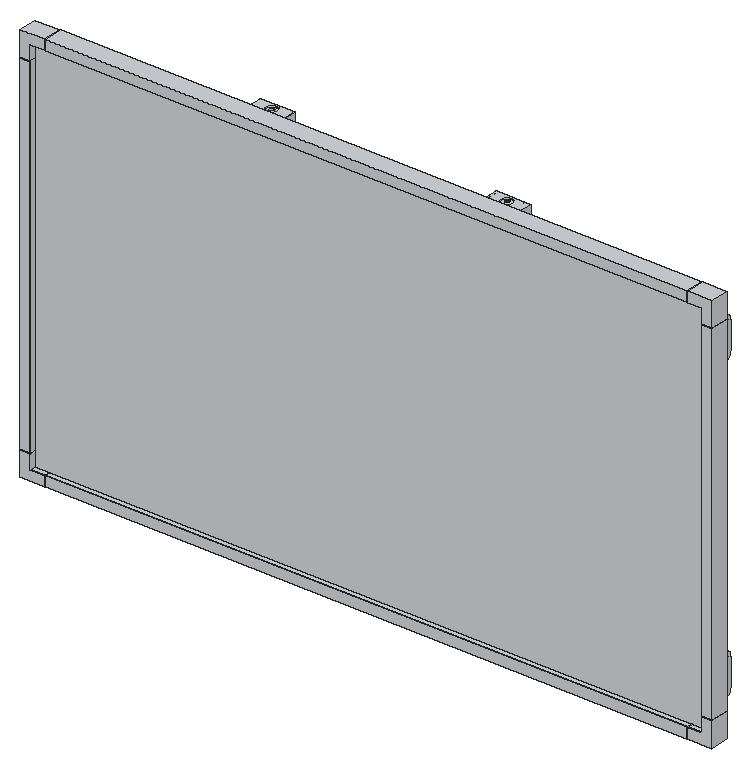
Revit family "E705", category Generic Models, Revit 2012
Parameters
  Frame Width = 0.90"
  Overall Width = 62.48"
  Overall Height = 36.20"
Reference planes (in)
  plane 1 "Center (Front/Back)": y = 0
  plane 2: z = 0
  plane 3 "Center (Left/Right)": x = 0
Forms (in)
  Extrusion 1, solid
    sketch origin (0, 0, 0) x (1, 0, 0) y (0, 0, 1)
      loop
        line (-31.24, 36.2) -> (-31.24, 0) -> (31.24, 0) -> (31.24, 36.2) -> (-31.24, 36.2)
      loop
        line (30.34, 35.3) -> (-30.34, 35.3) -> (-30.34, 0.9) -> (30.34, 0.9) -> (30.34, 35.3)
    from 0 to 1.68
  Extrusion 2, void
    sketch origin (0, 0, 0) x (1, 0, 0) y (0, 0, 1)
      loop
        line (-29.04, 38.40824) -> (-29.04, -0.78008) -> (-28.96, -0.78008) -> (-28.96, 38.40824) -> (-29.04, 38.40824)
      loop
        line (29.04, 38.40824) -> (28.96, 38.40824) -> (28.96, -0.78008) -> (29.04, -0.78008) -> (29.04, 38.40824)
    from -0.57452 to 2.44699
  Extrusion 3, void
    sketch origin (0, 0, 0) x (1, 0, 0) y (0, 0, 1)
      loop
        line (-33.45, 34) -> (-33.45, 33.92) -> (33.45, 33.92) -> (33.45, 34) -> (-33.45, 34)
      loop
        line (-33.45, 2.2) -> (33.45, 2.2) -> (33.45, 2.28) -> (-33.45, 2.28) -> (-33.45, 2.2)
    from 0 to 2.44699
  Extrusion 4, solid
    sketch origin (0, 0, 0) x (-1, 0, 0) y (0, 0, 1)
      loop
        line (31.14, 0.1) -> (31.14, 36.1) -> (-31.14, 36.1) -> (-31.14, 0.1) -> (31.14, 0.1)
    from 0 to -1.61361
  Extrusion 5, void
    sketch origin (0, -1.61361, 0) x (-1, 0, 0) y (0, 0, 1)
      loop
        line (30.34, 0.9) -> (30.34, 35.3) -> (-30.34, 35.3) -> (-30.34, 0.9) -> (30.34, 0.9)
    from 0 to 0.5
  Extrusion 6, solid
    sketch origin (0, 0, 0) x (-1, 0, 0) y (0, 0, 1)
      loop
        line (31.14, 36.1) -> (-31.14, 36.1) -> (-31.14, 0.1) -> (31.14, 0.1) -> (31.14, 36.1)
    from 0 to 0.06639
  Extrusion 7, solid
    sketch origin (0, 0, 0) x (1, 0, 0) y (0, 0, 1)
      loop
        line (18.32668, 30.71215) -> (-18.32668, 30.71215) -> (-18.32668, 8.95665) -> (18.32668, 8.95665) -> (18.32668, 30.71215)
    from 0 to -1.74064
  Extrusion 8, void
    sketch origin (0, 1.74064, 0) x (1, 0, 0) y (0, 0, 1)
      loop
        line (17.69676, 27.11797) -> (18.20857, 27.11797)
        arc (18.20857, 27.11797) -> (18.29209, 27.08338) -> (18.32668, 26.99986) r 0.11811
        line (18.32668, 26.99986) -> (19.43646, 26.99986) -> (19.43646, 31.74986) -> (17.16527, 31.74986) -> (17.16527, 30.71215)
        arc (17.16527, 30.71215) -> (17.44365, 30.59684) -> (17.55897, 30.31845) r 0.3937
        line (17.55897, 30.31845) -> (17.55897, 29.95845) -> (17.69676, 29.95845) -> (17.69676, 27.11797)
      loop
        arc (18.32668, 9.20468) -> (18.29209, 9.12116) -> (18.20857, 9.08657) r 0.11811
        line (18.20857, 9.08657) -> (17.69676, 9.08657) -> (17.69676, 8.68785) -> (18.60004, 8.68785) -> (18.60004, 9.20468) -> (18.32668, 9.20468)
      loop
        line (-17.69676, 27.11797) -> (-17.69676, 29.95845) -> (-17.55897, 29.95845) -> (-17.55897, 30.31845)
        arc (-17.55897, 30.31845) -> (-17.44365, 30.59684) -> (-17.16527, 30.71215) r 0.3937
        line (-17.16527, 30.71215) -> (-17.16527, 31.74986) -> (-19.43646, 31.74986) -> (-19.43646, 26.99986) -> (-18.32668, 26.99986)
        arc (-18.32668, 26.99986) -> (-18.29209, 27.08338) -> (-18.20857, 27.11797) r 0.11811
        line (-18.20857, 27.11797) -> (-17.69676, 27.11797)
      loop
        line (-18.32668, 9.20468) -> (-18.60004, 9.20468) -> (-18.60004, 8.68785) -> (-17.69676, 8.68785) -> (-17.69676, 9.08657) -> (-18.20857, 9.08657)
        arc (-18.20857, 9.08657) -> (-18.29209, 9.12116) -> (-18.32668, 9.20468) r 0.11811
    from 1.67425 to 0
  Extrusion 9, void
    sketch origin (0, 1.74064, 0) x (1, 0, 0) y (0, 0, 1)
      loop
        line (17.69676, 6.63256) -> (19.75023, 6.63256) -> (19.75023, 32.38256) -> (-19.99977, 32.38256) -> (-19.99977, 6.63256) -> (-17.69676, 6.63256) -> (-17.69676, 30.00349) -> (17.69676, 30.00349) -> (17.69676, 6.63256)
    from -0.80427 to 1.5241
  Extrusion 10, void
    sketch origin (0, 0, 0) x (0, 1, 0) y (0, 0, 1)
      loop
        line (0.21653, 29.78531) -> (1.74064, 27.98818) -> (1.74064, 30.00349) -> (0.21653, 30.00349) -> (0.21653, 29.78531)
    from -18.32668 to 18.32668
  Extrusion 11, solid
    sketch origin (0, 0.06639, 0) x (-1, 0, 0) y (0, 0, 1)
      loop
        line (-12.59836, 35.70359) -> (-12.59836, 32.91811)
        arc (-12.59836, 32.91811) -> (-12.5753, 32.86243) -> (-12.51962, 32.83937) r 0.07874
        line (-12.51962, 32.83937) -> (-12.18498, 32.83937) -> (-12.18498, 32.80692)
        arc (-12.18498, 32.80692) -> (-12.17921, 32.793) -> (-12.16529, 32.78724) r 0.01968
        line (-12.16529, 32.78724) -> (-9.09444, 32.78724)
        arc (-9.09444, 32.78724) -> (-9.08052, 32.793) -> (-9.07476, 32.80692) r 0.01968
        line (-9.07476, 32.80692) -> (-9.07476, 32.83937) -> (-8.74011, 32.83937)
        arc (-8.74011, 32.83937) -> (-8.68444, 32.86243) -> (-8.66137, 32.91811) r 0.07874
        line (-8.66137, 32.91811) -> (-8.66137, 35.70359)
        arc (-8.66137, 35.70359) -> (-8.68444, 35.75927) -> (-8.74011, 35.78233) r 0.07874
        line (-8.74011, 35.78233) -> (-9.07476, 35.78233) -> (-9.07476, 35.81478)
        arc (-9.07476, 35.81478) -> (-9.08052, 35.8287) -> (-9.09444, 35.83447) r 0.01968
        line (-9.09444, 35.83447) -> (-12.16529, 35.83447)
        arc (-12.16529, 35.83447) -> (-12.17921, 35.8287) -> (-12.18498, 35.81478) r 0.01968
        line (-12.18498, 35.81478) -> (-12.18498, 35.78233) -> (-12.51962, 35.78233)
        arc (-12.51962, 35.78233) -> (-12.5753, 35.75927) -> (-12.59836, 35.70359) r 0.07874
    from 0 to 1.58715
  Extrusion 12, void
    sketch origin (0, 0.06639, 0) x (1, 0, 0) y (0, 0, 1)
      loop
        line (12.18498, 32.72959) -> (12.73538, 32.72959) -> (12.73538, 35.91643) -> (12.18498, 35.91643) -> (12.18498, 32.72959)
      loop
        line (9.07476, 32.72959) -> (9.07476, 35.91643) -> (8.52436, 35.91643) -> (8.52436, 32.72959) -> (9.07476, 32.72959)
    from -0.05812 to -1.58715
  Extrusion 13, void
    sketch origin (9.09444, 0.06639, 35.83447) x (0, 1, 0) y (1, 0, 0)
      loop
        circle (0.88352, 1.53543) r 0.19685
    from 0 to 0.5
  Extrusion 14, void
    sketch origin (9.09444, 0.06639, 35.83447) x (0, 1, 0) y (1, 0, 0)
      loop
        circle (0.87565, 1.53543) r 0.49212
    from 0 to 0.02963
  Extrusion 15, void
    sketch origin (9.09444, 0.06639, 35.83447) x (0, 1, 0) y (1, 0, 0)
      loop
        line (1.48715, 0.1) -> (1.48715, 2.97085) -> (0.1, 2.97085) -> (0.1, 0.1) -> (1.48715, 0.1)
    from 0.06011 to 3.00786
  Extrusion 16, solid
    sketch origin (0, 0.06639, 0) x (1, 0, 0) y (0, 0, -1)
      loop
        arc (-12.59836, -35.70359) -> (-12.5753, -35.75927) -> (-12.51962, -35.78233) r 0.07874
        line (-12.51962, -35.78233) -> (-12.18498, -35.78233) -> (-12.18498, -35.81478)
        arc (-12.18498, -35.81478) -> (-12.17921, -35.8287) -> (-12.16529, -35.83447) r 0.01968
        line (-12.16529, -35.83447) -> (-9.09444, -35.83447)
        arc (-9.09444, -35.83447) -> (-9.08052, -35.8287) -> (-9.07476, -35.81478) r 0.01968
        line (-9.07476, -35.81478) -> (-9.07476, -35.78233) -> (-8.74011, -35.78233)
        arc (-8.74011, -35.78233) -> (-8.68444, -35.75927) -> (-8.66137, -35.70359) r 0.07874
        line (-8.66137, -35.70359) -> (-8.66137, -32.91811)
        arc (-8.66137, -32.91811) -> (-8.68444, -32.86243) -> (-8.74011, -32.83937) r 0.07874
        line (-8.74011, -32.83937) -> (-9.07476, -32.83937) -> (-9.07476, -32.80692)
        arc (-9.07476, -32.80692) -> (-9.08052, -32.793) -> (-9.09444, -32.78724) r 0.01968
        line (-9.09444, -32.78724) -> (-12.16529, -32.78724)
        arc (-12.16529, -32.78724) -> (-12.17921, -32.793) -> (-12.18498, -32.80692) r 0.01968
        line (-12.18498, -32.80692) -> (-12.18498, -32.83937) -> (-12.51962, -32.83937)
        arc (-12.51962, -32.83937) -> (-12.5753, -32.86243) -> (-12.59836, -32.91811) r 0.07874
        line (-12.59836, -32.91811) -> (-12.59836, -35.70359)
    from 0 to 1.58715
  Extrusion 17, void
    sketch origin (0, 0.06639, 0) x (-1, 0, 0) y (0, 0, -1)
      loop
        line (12.18498, -32.72959) -> (12.18498, -35.91643) -> (12.73538, -35.91643) -> (12.73538, -32.72959) -> (12.18498, -32.72959)
      loop
        line (9.07476, -32.72959) -> (8.52436, -32.72959) -> (8.52436, -35.91643) -> (9.07476, -35.91643) -> (9.07476, -32.72959)
    from -0.05812 to -1.58715
  Extrusion 18, void
    sketch origin (9.09444, 0.06639, 35.83447) x (0, 1, 0) y (1, 0, 0)
      loop
        circle (0.88352, -19.72431) r 0.19685
    from 0 to 0.5
  Extrusion 19, void
    sketch origin (9.09444, 0.06639, 35.83447) x (0, 1, 0) y (1, 0, 0)
      loop
        circle (0.87565, -19.72431) r 0.49212
    from 0 to 0.06011
  Extrusion 20, solid
    sketch origin (0, 0.06639, 0) x (-1, 0, 0) y (0, 0, 1)
      loop
        line (-7.59839, 6.00981) -> (-8.14957, 6.00981)
        arc (-8.14957, 6.00981) -> (-8.26092, 5.96369) -> (-8.30704, 5.85233) r 0.15748
        line (-8.30704, 5.85233) -> (-8.30704, 5.53737) -> (-8.35035, 5.53737)
        arc (-8.35035, 5.53737) -> (-8.38376, 5.52354) -> (-8.3976, 5.49013) r 0.04724
        line (-8.3976, 5.49013) -> (-8.3976, 4.54525) -> (-8.81885, 4.54525)
        arc (-8.81885, 4.54525) -> (-8.87453, 4.52219) -> (-8.89759, 4.46651) r 0.07874
        line (-8.89759, 4.46651) -> (-8.89759, 0.67519)
        arc (-8.89759, 0.67519) -> (-8.87453, 0.61952) -> (-8.81885, 0.59645) r 0.07874
        line (-8.81885, 0.59645) -> (-8.34641, 0.59645) -> (-8.34641, 0.24212) -> (-7.40154, 0.24212) -> (-7.40154, 0.59645) -> (-6.9291, 0.59645)
        arc (-6.9291, 0.59645) -> (-6.87342, 0.61952) -> (-6.85036, 0.67519) r 0.07874
        line (-6.85036, 0.67519) -> (-6.85036, 4.46651)
        arc (-6.85036, 4.46651) -> (-6.87342, 4.52219) -> (-6.9291, 4.54525) r 0.07874
        line (-6.9291, 4.54525) -> (-7.35036, 4.54525) -> (-7.35036, 5.49013)
        arc (-7.35036, 5.49013) -> (-7.36419, 5.52354) -> (-7.3976, 5.53737) r 0.04724
        line (-7.3976, 5.53737) -> (-7.44091, 5.53737) -> (-7.44091, 5.85233)
        arc (-7.44091, 5.85233) -> (-7.48703, 5.96369) -> (-7.59839, 6.00981) r 0.15748
      loop
        line (-8.34641, 2.85235) -> (-8.64366, 2.85235)
        arc (-8.64366, 2.85235) -> (-8.6715, 2.84082) -> (-8.68303, 2.81298) r 0.03937
        line (-8.68303, 2.81298) -> (-8.68303, 2.10432)
        arc (-8.68303, 2.10432) -> (-8.6715, 2.07648) -> (-8.64366, 2.06495) r 0.03937
        line (-8.64366, 2.06495) -> (-8.34641, 2.06495) -> (-8.34641, 2.85235)
      loop
        arc (-7.06493, 2.81298) -> (-7.07646, 2.84082) -> (-7.10429, 2.85235) r 0.03937
        line (-7.10429, 2.85235) -> (-7.40154, 2.85235) -> (-7.40154, 2.06495) -> (-7.10429, 2.06495)
        arc (-7.10429, 2.06495) -> (-7.07646, 2.07648) -> (-7.06493, 2.10432) r 0.03937
        line (-7.06493, 2.10432) -> (-7.06493, 2.81298)
    from 0 to 1.66589
  Extrusion 21, void
    sketch origin (0, 0.06639, 0) x (1, 0, 0) y (0, 0, 1)
      loop
        line (8.89759, 0.67519) -> (8.89759, 4.46651)
        arc (8.89759, 4.46651) -> (8.87453, 4.52219) -> (8.81885, 4.54525) r 0.07874
        line (8.81885, 4.54525) -> (8.34641, 4.54525) -> (8.34641, 0.59645) -> (8.81885, 0.59645)
        arc (8.81885, 0.59645) -> (8.87453, 0.61952) -> (8.89759, 0.67519) r 0.07874
      loop
        line (8.14957, 6.00981) -> (7.59839, 6.00981)
        arc (7.59839, 6.00981) -> (7.48703, 5.96369) -> (7.44091, 5.85233) r 0.15748
        line (7.44091, 5.85233) -> (7.44091, 5.53737) -> (8.30704, 5.53737) -> (8.30704, 5.85233)
        arc (8.30704, 5.85233) -> (8.26092, 5.96369) -> (8.14957, 6.00981) r 0.15748
      loop
        arc (6.85036, 0.67519) -> (6.87342, 0.61952) -> (6.9291, 0.59645) r 0.07874
        line (6.9291, 0.59645) -> (7.40154, 0.59645) -> (7.40154, 4.54525) -> (6.9291, 4.54525)
        arc (6.9291, 4.54525) -> (6.87342, 4.52219) -> (6.85036, 4.46651) r 0.07874
        line (6.85036, 4.46651) -> (6.85036, 0.67519)
      loop
        circle (7.87398, 0.76574) r 0.13779
      loop
        circle (7.87398, 4.70273) r 0.13779
    from -0.09109 to -1.66589
  Extrusion 22, solid
    sketch origin (0, 0.06639, 0) x (1, 0, 0) y (0, 0, -1)
      loop
        arc (-7.59839, -6.00981) -> (-7.48703, -5.96369) -> (-7.44091, -5.85233) r 0.15748
        line (-7.44091, -5.85233) -> (-7.44091, -5.53737) -> (-7.3976, -5.53737)
        arc (-7.3976, -5.53737) -> (-7.36419, -5.52354) -> (-7.35036, -5.49013) r 0.04724
        line (-7.35036, -5.49013) -> (-7.35036, -4.54525) -> (-6.9291, -4.54525)
        arc (-6.9291, -4.54525) -> (-6.87342, -4.52219) -> (-6.85036, -4.46651) r 0.07874
        line (-6.85036, -4.46651) -> (-6.85036, -0.67519)
        arc (-6.85036, -0.67519) -> (-6.87342, -0.61952) -> (-6.9291, -0.59645) r 0.07874
        line (-6.9291, -0.59645) -> (-7.40154, -0.59645) -> (-7.40154, -0.24212) -> (-8.34641, -0.24212) -> (-8.34641, -0.59645) -> (-8.81885, -0.59645)
        arc (-8.81885, -0.59645) -> (-8.87453, -0.61952) -> (-8.89759, -0.67519) r 0.07874
        line (-8.89759, -0.67519) -> (-8.89759, -4.46651)
        arc (-8.89759, -4.46651) -> (-8.87453, -4.52219) -> (-8.81885, -4.54525) r 0.07874
        line (-8.81885, -4.54525) -> (-8.3976, -4.54525) -> (-8.3976, -5.49013)
        arc (-8.3976, -5.49013) -> (-8.38376, -5.52354) -> (-8.35035, -5.53737) r 0.04724
        line (-8.35035, -5.53737) -> (-8.30704, -5.53737) -> (-8.30704, -5.85233)
        arc (-8.30704, -5.85233) -> (-8.26092, -5.96369) -> (-8.14957, -6.00981) r 0.15748
        line (-8.14957, -6.00981) -> (-7.59839, -6.00981)
      loop
        line (-8.34641, -2.85235) -> (-8.34641, -2.06495) -> (-8.64366, -2.06495)
        arc (-8.64366, -2.06495) -> (-8.6715, -2.07648) -> (-8.68303, -2.10432) r 0.03937
        line (-8.68303, -2.10432) -> (-8.68303, -2.81298)
        arc (-8.68303, -2.81298) -> (-8.6715, -2.84082) -> (-8.64366, -2.85235) r 0.03937
        line (-8.64366, -2.85235) -> (-8.34641, -2.85235)
      loop
        line (-7.06493, -2.81298) -> (-7.06493, -2.10432)
        arc (-7.06493, -2.10432) -> (-7.07646, -2.07648) -> (-7.10429, -2.06495) r 0.03937
        line (-7.10429, -2.06495) -> (-7.40154, -2.06495) -> (-7.40154, -2.85235) -> (-7.10429, -2.85235)
        arc (-7.10429, -2.85235) -> (-7.07646, -2.84082) -> (-7.06493, -2.81298) r 0.03937
    from 0 to 1.66589
  Extrusion 23, void
    sketch origin (0, 0.06639, 0) x (-1, 0, 0) y (0, 0, -1)
      loop
        arc (8.89759, -0.67519) -> (8.87453, -0.61952) -> (8.81885, -0.59645) r 0.07874
        line (8.81885, -0.59645) -> (8.34641, -0.59645) -> (8.34641, -4.54525) -> (8.81885, -4.54525)
        arc (8.81885, -4.54525) -> (8.87453, -4.52219) -> (8.89759, -4.46651) r 0.07874
        line (8.89759, -4.46651) -> (8.89759, -0.67519)
      loop
        arc (8.14957, -6.00981) -> (8.26092, -5.96369) -> (8.30704, -5.85233) r 0.15748
        line (8.30704, -5.85233) -> (8.30704, -5.53737) -> (7.44091, -5.53737) -> (7.44091, -5.85233)
        arc (7.44091, -5.85233) -> (7.48703, -5.96369) -> (7.59839, -6.00981) r 0.15748
        line (7.59839, -6.00981) -> (8.14957, -6.00981)
      loop
        line (6.85036, -0.67519) -> (6.85036, -4.46651)
        arc (6.85036, -4.46651) -> (6.87342, -4.52219) -> (6.9291, -4.54525) r 0.07874
        line (6.9291, -4.54525) -> (7.40154, -4.54525) -> (7.40154, -0.59645) -> (6.9291, -0.59645)
        arc (6.9291, -0.59645) -> (6.87342, -0.61952) -> (6.85036, -0.67519) r 0.07874
      loop
        circle (7.87398, -0.76574) r 0.13779
      loop
        circle (7.87398, -4.70273) r 0.13779
    from -0.09109 to -1.66589
  Extrusion 24, void
    sketch origin (0, 0.06639, 0) x (1, 0, 0) y (0, 0, 1)
      loop
        arc (11.4212, 2.874) -> (11.22633, 2.79328) -> (11.14561, 2.59841) r 0.27559
        line (11.14561, 2.59841) -> (11.14561, 2.1181)
        arc (11.14561, 2.1181) -> (11.22633, 1.92323) -> (11.4212, 1.84251) r 0.27559
        line (11.4212, 1.84251) -> (14.87, 1.84251)
        arc (14.87, 1.84251) -> (14.89919, 1.82956) -> (14.90957, 1.79918) r 0.03937
        arc (14.90957, 1.79918) -> (14.91955, 1.76885) -> (14.94874, 1.7559) r 0.03937
        line (14.94874, 1.7559) -> (15.06685, 1.7559)
        arc (15.06685, 1.7559) -> (15.09604, 1.76885) -> (15.10642, 1.79922) r 0.03937
        arc (15.10642, 1.79922) -> (15.1164, 1.82956) -> (15.14559, 1.84251) r 0.03937
        line (15.14559, 1.84251) -> (15.52354, 1.84251)
        arc (15.52354, 1.84251) -> (15.71841, 1.92323) -> (15.79913, 2.1181) r 0.27559
        line (15.79913, 2.1181) -> (15.79913, 2.59841)
        arc (15.79913, 2.59841) -> (15.71841, 2.79328) -> (15.52354, 2.874) r 0.27559
        line (15.52354, 2.874) -> (11.4212, 2.874)
      loop
        circle (15.0078, 1.81495) r 0.02953
      loop
        circle (15.2637, 2.24437) r 0.12306
      loop
        circle (14.75189, 2.24437) r 0.12306
      loop
        circle (14.24009, 2.24437) r 0.12306
      loop
        circle (13.72828, 2.24437) r 0.12306
      loop
        circle (13.21647, 2.24437) r 0.12306
      loop
        circle (12.70466, 2.24437) r 0.12306
      loop
        circle (12.19285, 2.24437) r 0.12306
      loop
        circle (11.68104, 2.24437) r 0.12306
    from 0 to 0.06639
  Extrusion 25, void
    sketch origin (0, 0, 0) x (1, 0, 0) y (0, 0, 1)
      loop
        circle (30.64551, 35.58643) r 0.15748
      loop
        circle (30.64551, 35.58643) r 0.1063
      loop
        circle (30.64551, 35.58643) r 0.07874
      loop
        circle (23.34634, 35.42108) r 0.15748
      loop
        circle (23.34634, 35.42108) r 0.1063
      loop
        circle (23.34634, 35.42108) r 0.07874
      loop
        circle (21.37785, 34.43683) r 0.15748
      loop
        circle (21.37785, 34.43683) r 0.1063
      loop
        circle (21.37785, 34.43683) r 0.07874
      loop
        circle (19.40935, 35.42108) r 0.15748
      loop
        circle (19.40935, 35.42108) r 0.1063
      loop
        circle (19.40935, 35.42108) r 0.07874
      loop
        circle (-19.40935, 35.42108) r 0.15748
      loop
        circle (-19.40935, 35.42108) r 0.1063
      loop
        circle (-19.40935, 35.42108) r 0.07874
      loop
        circle (-23.34634, 35.42108) r 0.15748
      loop
        circle (-23.34634, 35.42108) r 0.1063
      loop
        circle (-23.34634, 35.42108) r 0.07874
      loop
        circle (-21.37785, 34.43683) r 0.15748
      loop
        circle (-21.37785, 34.43683) r 0.1063
      loop
        circle (-21.37785, 34.43683) r 0.07874
      loop
        circle (-30.64551, 35.58643) r 0.15748
      loop
        circle (-30.64551, 35.58643) r 0.1063
      loop
        circle (-30.64551, 35.58643) r 0.07874
      loop
        circle (-30.64551, 25.49523) r 0.15748
      loop
        circle (-30.64551, 25.49523) r 0.1063
      loop
        circle (-30.64551, 25.49523) r 0.07874
      loop
        circle (-30.22819, 20.58257) r 0.15748
      loop
        circle (-30.22819, 20.58257) r 0.1063
      loop
        circle (-30.22819, 20.58257) r 0.07874
      loop
        circle (-29.46988, 18.10225) r 0.15748
      loop
        circle (-29.46988, 18.10225) r 0.1063
      loop
        circle (-29.46988, 18.10225) r 0.07874
      loop
        circle (-30.22818, 15.62197) r 0.15748
      loop
        circle (-30.22818, 15.62197) r 0.1063
      loop
        circle (-30.22818, 15.62197) r 0.07874
      loop
        circle (-30.62977, 10.74798) r 0.15748
      loop
        circle (-30.62977, 10.74798) r 0.1063
      loop
        circle (-30.62977, 10.74798) r 0.07874
      loop
        circle (-30.62977, 0.61732) r 0.15748
      loop
        circle (-30.62977, 0.61732) r 0.1063
      loop
        circle (-30.62977, 0.61732) r 0.07874
      loop
        circle (-23.34634, 0.78346) r 0.15748
      loop
        circle (-23.34634, 0.78346) r 0.1063
      loop
        circle (-23.34634, 0.78346) r 0.07874
      loop
        circle (-21.37785, 1.76771) r 0.15748
      loop
        circle (-21.37785, 1.76771) r 0.1063
      loop
        circle (-21.37785, 1.76771) r 0.07874
      loop
        circle (-19.40935, 0.78346) r 0.15748
      loop
        circle (-19.40935, 0.78346) r 0.1063
      loop
        circle (-19.40935, 0.78346) r 0.07874
      loop
        circle (19.40935, 0.78346) r 0.15748
      loop
        circle (19.40935, 0.78346) r 0.1063
      loop
        circle (19.40935, 0.78346) r 0.07874
      loop
        circle (23.34634, 0.78346) r 0.15748
      loop
        circle (23.34634, 0.78346) r 0.1063
      loop
        circle (23.34634, 0.78346) r 0.07874
      loop
        circle (21.37785, 1.76771) r 0.15748
      loop
        circle (21.37785, 1.76771) r 0.1063
      loop
        circle (21.37785, 1.76771) r 0.07874
      loop
        circle (30.64551, 0.61811) r 0.15748
      loop
        circle (30.64551, 0.61811) r 0.1063
      loop
        circle (30.64551, 0.61811) r 0.07874
      loop
        circle (30.64551, 10.74728) r 0.15748
      loop
        circle (30.64551, 10.74728) r 0.1063
      loop
        circle (30.64551, 10.74728) r 0.07874
      loop
        circle (30.21906, 15.6217) r 0.15748
      loop
        circle (30.21906, 15.6217) r 0.1063
      loop
        circle (30.21906, 15.6217) r 0.07874
      loop
        circle (29.4608, 18.10185) r 0.15748
      loop
        circle (29.4608, 18.10185) r 0.1063
      loop
        circle (29.4608, 18.10185) r 0.07874
      loop
        circle (30.21915, 20.58231) r 0.15748
      loop
        circle (30.21915, 20.58231) r 0.1063
      loop
        circle (30.21915, 20.58231) r 0.07874
      loop
        circle (30.62977, 25.49593) r 0.15748
      loop
        circle (30.62977, 25.49593) r 0.1063
      loop
        circle (30.62977, 25.49593) r 0.07874
    from -0.09026 to -0.02979
  Extrusion 26, void
    sketch origin (0, 0.06639, 0) x (1, 0, 0) y (0, 0, 1)
      loop
        arc (20.32852, 33.54947) -> (19.60171, 33.24841) -> (19.30066, 32.52161) r 1.02786
        line (19.30066, 32.52161) -> (19.30066, 3.68294)
        arc (19.30066, 3.68294) -> (19.60171, 2.95613) -> (20.32852, 2.65507) r 1.02786
        line (20.32852, 2.65507) -> (27.70273, 2.65507)
        arc (27.70273, 2.65507) -> (28.42954, 2.95613) -> (28.7306, 3.68294) r 1.02786
        line (28.7306, 3.68294) -> (28.7306, 32.52161)
        arc (28.7306, 32.52161) -> (28.42954, 33.24841) -> (27.70273, 33.54947) r 1.02786
        line (27.70273, 33.54947) -> (20.32852, 33.54947)
      loop
        arc (20.32852, 32.92161) -> (20.04568, 32.80445) -> (19.92852, 32.52161) r 0.4
        line (19.92852, 32.52161) -> (19.92852, 3.68294)
        arc (19.92852, 3.68294) -> (20.04568, 3.40009) -> (20.32852, 3.28294) r 0.4
        line (20.32852, 3.28294) -> (27.70273, 3.28294)
        arc (27.70273, 3.28294) -> (27.98558, 3.40009) -> (28.10273, 3.68294) r 0.4
        line (28.10273, 3.68294) -> (28.10273, 32.52161)
        arc (28.10273, 32.52161) -> (27.98558, 32.80445) -> (27.70273, 32.92161) r 0.4
        line (27.70273, 32.92161) -> (20.32852, 32.92161)
      loop
        line (27.00329, 23.9241) -> (21.02796, 23.9241)
        arc (21.02796, 23.9241) -> (20.56863, 23.46477) -> (21.02796, 23.00545) r 0.45933
        line (21.02796, 23.00545) -> (27.00329, 23.00545)
        arc (27.00329, 23.00545) -> (27.46262, 23.46477) -> (27.00329, 23.9241) r 0.45933
      loop
        line (27.00329, 13.30485) -> (21.02796, 13.30485)
        arc (21.02796, 13.30485) -> (20.56863, 12.84552) -> (21.02796, 12.38619) r 0.45933
        line (21.02796, 12.38619) -> (27.00329, 12.38619)
        arc (27.00329, 12.38619) -> (27.46262, 12.84552) -> (27.00329, 13.30485) r 0.45933
      loop
        line (-20.32852, 33.54947) -> (-27.70273, 33.54947)
        arc (-27.70273, 33.54947) -> (-28.42954, 33.24841) -> (-28.7306, 32.52161) r 1.02786
        line (-28.7306, 32.52161) -> (-28.7306, 3.68294)
        arc (-28.7306, 3.68294) -> (-28.42954, 2.95613) -> (-27.70273, 2.65507) r 1.02786
        line (-27.70273, 2.65507) -> (-20.32852, 2.65507)
        arc (-20.32852, 2.65507) -> (-19.60171, 2.95613) -> (-19.30066, 3.68294) r 1.02786
        line (-19.30066, 3.68294) -> (-19.30066, 32.52161)
        arc (-19.30066, 32.52161) -> (-19.60171, 33.24841) -> (-20.32852, 33.54947) r 1.02786
      loop
        line (-20.32852, 32.92161) -> (-27.70273, 32.92161)
        arc (-27.70273, 32.92161) -> (-27.98558, 32.80445) -> (-28.10273, 32.52161) r 0.4
        line (-28.10273, 32.52161) -> (-28.10273, 3.68294)
        arc (-28.10273, 3.68294) -> (-27.98558, 3.40009) -> (-27.70273, 3.28294) r 0.4
        line (-27.70273, 3.28294) -> (-20.32852, 3.28294)
        arc (-20.32852, 3.28294) -> (-20.04568, 3.40009) -> (-19.92852, 3.68294) r 0.4
        line (-19.92852, 3.68294) -> (-19.92852, 32.52161)
        arc (-19.92852, 32.52161) -> (-20.04568, 32.80445) -> (-20.32852, 32.92161) r 0.4
      loop
        arc (-27.00329, 23.9241) -> (-27.46262, 23.46477) -> (-27.00329, 23.00545) r 0.45933
        line (-27.00329, 23.00545) -> (-21.02796, 23.00545)
        arc (-21.02796, 23.00545) -> (-20.56863, 23.46477) -> (-21.02796, 23.9241) r 0.45933
        line (-21.02796, 23.9241) -> (-27.00329, 23.9241)
      loop
        arc (-27.00329, 13.30485) -> (-27.46262, 12.84552) -> (-27.00329, 12.38619) r 0.45933
        line (-27.00329, 12.38619) -> (-21.02796, 12.38619)
        arc (-21.02796, 12.38619) -> (-20.56863, 12.84552) -> (-21.02796, 13.30485) r 0.45933
        line (-21.02796, 13.30485) -> (-27.00329, 13.30485)
    from 0 to 0.13721
  Extrusion 27, void
    sketch origin (0, 1.74064, 0) x (1, 0, 0) y (0, 0, 1)
      loop
        circle (7.87398, 25.97625) r 0.19291
      loop
        circle (7.87398, 10.22829) r 0.19291
      loop
        circle (-7.87398, 25.97625) r 0.19291
      loop
        circle (-7.87398, 10.22829) r 0.19291
    from 0 to 0.5
  Extrusion 28, void
    sketch origin (0, 1.74064, 0) x (1, 0, 0) y (0, 0, 1)
      loop
        circle (6.22044, 25.97625) r 0.27559
      loop
        circle (8.92515, 10.22829) r 0.27559
      loop
        circle (-6.8228, 10.22829) r 0.27559
      loop
        circle (-6.22044, 25.97625) r 0.27559
      loop
        circle (15.5511, 10.03145) r 0.13287
      loop
        circle (0, 10.03145) r 0.13287
      loop
        circle (-15.5511, 10.03145) r 0.13287
      loop
        circle (-16.96448, 11.17908) r 0.29527
      loop
        circle (-16.96448, 16.10031) r 0.29527
      loop
        circle (-16.69283, 19.05896) r 0.12795
      loop
        circle (-16.69283, 22.20855) r 0.12795
      loop
        circle (-16.96448, 24.90342) r 0.29527
    from 0 to 0.1039
  Extrusion 29, solid
    sketch origin (0, 0, 0) x (0, 1, 0) y (0, 0, 1)
      loop
        line (0.06639, 33.39221) -> (0.75917, 33.36196)
        arc (0.75917, 33.36196) -> (1.03067, 33.23895) -> (1.14173, 32.96234) r 0.4
        line (1.14173, 32.96234) -> (1.14173, 30.48616)
        arc (1.14173, 30.48616) -> (1.03067, 30.20955) -> (0.75917, 30.08654) r 0.4
        line (0.75917, 30.08654) -> (0.06639, 30.05629) -> (0.06639, 29.16329) -> (0.1245, 29.16329) -> (0.1245, 29.63264) -> (0.89404, 29.78664)
        arc (0.89404, 29.78664) -> (1.29805, 30.02927) -> (1.45669, 30.47303) r 0.7
        line (1.45669, 30.47303) -> (1.45669, 32.97547)
        arc (1.45669, 32.97547) -> (1.29805, 33.41923) -> (0.89404, 33.66186) r 0.7
        line (0.89404, 33.66186) -> (0.1245, 33.81585) -> (0.1245, 34.26673) -> (0.06639, 34.26673) -> (0.06639, 33.39221)
    from 29.50773 to 30.37386
  Extrusion 30, solid
    sketch origin (0, 0, 0) x (0, 1, 0) y (0, 0, 1)
      loop
        line (0.06639, 33.39221) -> (0.75917, 33.36196)
        arc (0.75917, 33.36196) -> (1.03067, 33.23895) -> (1.14173, 32.96234) r 0.4
        line (1.14173, 32.96234) -> (1.14173, 30.48616)
        arc (1.14173, 30.48616) -> (1.03067, 30.20955) -> (0.75917, 30.08654) r 0.4
        line (0.75917, 30.08654) -> (0.06639, 30.05629) -> (0.06639, 29.16329) -> (0.1245, 29.16329) -> (0.1245, 29.63264) -> (0.89404, 29.78664)
        arc (0.89404, 29.78664) -> (1.29805, 30.02927) -> (1.45669, 30.47303) r 0.7
        line (1.45669, 30.47303) -> (1.45669, 32.97547)
        arc (1.45669, 32.97547) -> (1.29805, 33.41923) -> (0.89404, 33.66186) r 0.7
        line (0.89404, 33.66186) -> (0.1245, 33.81585) -> (0.1245, 34.26673) -> (0.06639, 34.26673) -> (0.06639, 33.39221)
    from -30.37386 to -29.50773
  Extrusion 31, solid
    sketch origin (0, 0, -27.22235) x (0, 1, 0) y (0, 0, 1)
      loop
        line (0.06639, 33.39221) -> (0.75917, 33.36196)
        arc (0.75917, 33.36196) -> (1.03067, 33.23895) -> (1.14173, 32.96234) r 0.4
        line (1.14173, 32.96234) -> (1.14173, 30.48616)
        arc (1.14173, 30.48616) -> (1.03067, 30.20955) -> (0.75917, 30.08654) r 0.4
        line (0.75917, 30.08654) -> (0.06639, 30.05629) -> (0.06639, 29.16329) -> (0.1245, 29.16329) -> (0.1245, 29.63264) -> (0.89404, 29.78664)
        arc (0.89404, 29.78664) -> (1.29805, 30.02927) -> (1.45669, 30.47303) r 0.7
        line (1.45669, 30.47303) -> (1.45669, 32.97547)
        arc (1.45669, 32.97547) -> (1.29805, 33.41923) -> (0.89404, 33.66186) r 0.7
        line (0.89404, 33.66186) -> (0.1245, 33.81585) -> (0.1245, 34.26673) -> (0.06639, 34.26673) -> (0.06639, 33.39221)
    from 29.50773 to 30.37386
  Extrusion 32, solid
    sketch origin (0, 0, -27.22235) x (0, 1, 0) y (0, 0, 1)
      loop
        line (0.06639, 33.39221) -> (0.75917, 33.36196)
        arc (0.75917, 33.36196) -> (1.03067, 33.23895) -> (1.14173, 32.96234) r 0.4
        line (1.14173, 32.96234) -> (1.14173, 30.48616)
        arc (1.14173, 30.48616) -> (1.03067, 30.20955) -> (0.75917, 30.08654) r 0.4
        line (0.75917, 30.08654) -> (0.06639, 30.05629) -> (0.06639, 29.16329) -> (0.1245, 29.16329) -> (0.1245, 29.63264) -> (0.89404, 29.78664)
        arc (0.89404, 29.78664) -> (1.29805, 30.02927) -> (1.45669, 30.47303) r 0.7
        line (1.45669, 30.47303) -> (1.45669, 32.97547)
        arc (1.45669, 32.97547) -> (1.29805, 33.41923) -> (0.89404, 33.66186) r 0.7
        line (0.89404, 33.66186) -> (0.1245, 33.81585) -> (0.1245, 34.26673) -> (0.06639, 34.26673) -> (0.06639, 33.39221)
    from -30.37386 to -29.50773
  Extrusion 33, void
    sketch origin (0, 0.21653, 0) x (1, 0, 0) y (0, 0, 1)
      loop
        circle (18.01172, 26.5668) r 0.13287
      loop
        circle (18.01172, 19.87392) r 0.13287
      loop
        circle (18.01172, 10.03145) r 0.13287
      loop
        circle (-18.01172, 26.5668) r 0.13287
      loop
        circle (-18.01172, 16.46842) r 0.13287
      loop
        circle (-18.01172, 10.03145) r 0.13287
      loop
        circle (-16.14165, 30.46441) r 0.13287
      loop
        circle (-3.34644, 30.46441) r 0.13287
      loop
        circle (3.34644, 30.46441) r 0.13287
      loop
        circle (16.14165, 30.46441) r 0.13287
    from 0 to 0.5
Cuts and joins
  Extrusion 2, Extrusion 3, Extrusion 5, Extrusion 12, Extrusion 21, Extrusion 25 cuts Extrusion 1
  Extrusion 5, Extrusion 12, Extrusion 21, Extrusion 24, Extrusion 25, Extrusion 26, Extrusion 33 cuts Extrusion 4
  Extrusion 8, Extrusion 9, Extrusion 10, Extrusion 27, Extrusion 28, Extrusion 33 cuts Extrusion 7
  Extrusion 12, Extrusion 21, Extrusion 24, Extrusion 25, Extrusion 26, Extrusion 33 cuts Extrusion 6
  Extrusion 12, Extrusion 13, Extrusion 14, Extrusion 15, Extrusion 17 cuts Extrusion 11
  Extrusion 17, Extrusion 18, Extrusion 19 cuts Extrusion 16
  Extrusion 21, Extrusion 23 cuts Extrusion 20
  Extrusion 23 cuts Extrusion 22
Lines and regions (in)
  model lines
    curve 1: line (15.49598, 1.74064, 19.05896) -> (15.69283, 1.74064, 19.05896)
    curve 2: line (15.67315, 1.74064, 19.03927) -> (15.49598, 1.74064, 19.03927)
    curve 3: line (15.69283, 1.74064, 19.05896) -> (15.69283, 1.74064, 18.86211)
    curve 4: line (15.67315, 1.74064, 18.86211) -> (15.67315, 1.74064, 19.03927)
    curve 5: line (14.07867, 1.74064, 19.05896) -> (14.27552, 1.74064, 19.05896)
    curve 6: line (14.27552, 1.74064, 19.03927) -> (14.09835, 1.74064, 19.03927)
    curve 7: line (14.09835, 1.74064, 19.03927) -> (14.09835, 1.74064, 18.86211)
    curve 8: line (14.07867, 1.74064, 18.86211) -> (14.07867, 1.74064, 19.05896)
    curve 9: line (14.09835, 1.74064, 18.3503) -> (14.09835, 1.74064, 18.17314)
    curve 10: line (14.09835, 1.74064, 18.17314) -> (14.27552, 1.74064, 18.17314)
    curve 11: line (14.27552, 1.74064, 18.15345) -> (14.07867, 1.74064, 18.15345)
    curve 12: line (14.07867, 1.74064, 18.15345) -> (14.07867, 1.74064, 18.3503)
    curve 13: line (15.49598, 1.74064, 18.17314) -> (15.67315, 1.74064, 18.17314)
    curve 14: line (15.69283, 1.74064, 18.15345) -> (15.49598, 1.74064, 18.15345)
    curve 15: line (15.67315, 1.74064, 18.17314) -> (15.67315, 1.74064, 18.3503)
    curve 16: line (15.69283, 1.74064, 18.3503) -> (15.69283, 1.74064, 18.15345)
    curve 17: line (15.49598, 1.74064, 17.99597) -> (15.69283, 1.74064, 17.99597)
    curve 18: line (15.67315, 1.74064, 17.97629) -> (15.49598, 1.74064, 17.97629)
    curve 19: line (15.67315, 1.74064, 17.79912) -> (15.67315, 1.74064, 17.97629)
    curve 20: line (15.69283, 1.74064, 17.99597) -> (15.69283, 1.74064, 17.79912)
    curve 21: line (11.71648, 1.74064, 17.99597) -> (11.91333, 1.74064, 17.99597)
    curve 22: line (11.91333, 1.74064, 17.97629) -> (11.73616, 1.74064, 17.97629)
    curve 23: line (11.73616, 1.74064, 17.97629) -> (11.73616, 1.74064, 17.79912)
    curve 24: line (11.71648, 1.74064, 17.79912) -> (11.71648, 1.74064, 17.99597)
    curve 25: line (15.69283, 1.74064, 12.64167) -> (15.69283, 1.74064, 12.44482)
    curve 26: line (15.67315, 1.74064, 12.4645) -> (15.67315, 1.74064, 12.64167)
    curve 27: line (15.49598, 1.74064, 12.4645) -> (15.67315, 1.74064, 12.4645)
    curve 28: line (15.69283, 1.74064, 12.44482) -> (15.49598, 1.74064, 12.44482)
    curve 29: line (15.49598, 1.74064, 12.32671) -> (15.69283, 1.74064, 12.32671)
    curve 30: line (15.67315, 1.74064, 12.30702) -> (15.49598, 1.74064, 12.30702)
    curve 31: line (15.69283, 1.74064, 12.32671) -> (15.69283, 1.74064, 12.12986)
    curve 32: line (15.67315, 1.74064, 12.12986) -> (15.67315, 1.74064, 12.30702)
    curve 33: line (13.50781, 1.74064, 12.32671) -> (13.70466, 1.74064, 12.32671)
    curve 34: line (13.70466, 1.74064, 12.30702) -> (13.50781, 1.74064, 12.30702)
    curve 35: line (11.73616, 1.74064, 12.4645) -> (11.91333, 1.74064, 12.4645)
    curve 36: line (11.91333, 1.74064, 12.44482) -> (11.71648, 1.74064, 12.44482)
    curve 37: line (11.73616, 1.74064, 12.64167) -> (11.73616, 1.74064, 12.4645)
    curve 38: line (11.71648, 1.74064, 12.44482) -> (11.71648, 1.74064, 12.64167)
    curve 39: line (-17.69676, 1.2559, 16.17315) -> (-17.69676, 1.2559, 10.66136)
    curve 40: arc (-17.69676, 1.2559, 10.66136) -> (-17.69676, 1.19824, 10.52217) -> (-17.69676, 1.05905, 10.46451) r 0.19685
    curve 41: line (-17.69676, 1.05905, 10.46451) -> (-17.69676, 0.27165, 10.46451)
    curve 42: arc (-17.69676, 0.27165, 10.46451) -> (-17.69676, 0.13246, 10.52217) -> (-17.69676, 0.0748, 10.66136) r 0.19685
    curve 43: line (-17.69676, 0.0748, 10.66136) -> (-17.69676, 0.0748, 16.17315)
    curve 44: arc (-17.69676, 1.05905, 16.37) -> (-17.69676, 1.19824, 16.31234) -> (-17.69676, 1.2559, 16.17315) r 0.19685
    curve 45: line (-17.69676, 0.27165, 16.37) -> (-17.69676, 1.05905, 16.37)
    curve 46: arc (-17.69676, 0.0748, 16.17315) -> (-17.69676, 0.13246, 16.31234) -> (-17.69676, 0.27165, 16.37) r 0.19685
    curve 47: line (-17.69676, 0.21653, 9.08657) -> (-17.69676, 0.21653, 30.71215)
Dimensions and locks (in)
  "Frame Width": Extrusion 1 sketch curve to Extrusion 1 sketch curve  (x4)
  locked: Extrusion 1 to Extrusion 2 sketch curve at 2.2
  locked: Extrusion 2 sketch curve to Extrusion 2 sketch curve at 0.08  (x2)
  locked: Extrusion 2 sketch curve to Extrusion 1 at 2.20824  (x2)
  locked: Extrusion 2 sketch curve to Extrusion 1 at 2.2
  locked: cut or joined group of Extrusion 1, Extrusion 2, Extrusion 3, Extrusion 5, Extrusion 12, Extrusion 21, Extrusion 25 to Extrusion 3 sketch curve at 2.2
  locked: Extrusion 3 sketch curve to Extrusion 3 sketch curve at 0.08  (x2)
  locked: Extrusion 3 sketch curve to cut or joined group of Extrusion 1, Extrusion 2, Extrusion 3, Extrusion 5, Extrusion 12, Extrusion 21, Extrusion 25 at 2.2
  locked: Extrusion 3 sketch curve to cut or joined group of Extrusion 1, Extrusion 2, Extrusion 3, Extrusion 5, Extrusion 12, Extrusion 21, Extrusion 25 at 2.21  (x4)
  locked: cut or joined group of Extrusion 1, Extrusion 2, Extrusion 3, Extrusion 5, Extrusion 12, Extrusion 21, Extrusion 25 to Extrusion 4 sketch curve at 0.1  (x3)
  locked: Extrusion 4 sketch curve to cut or joined group of Extrusion 1, Extrusion 2, Extrusion 3, Extrusion 5, Extrusion 12, Extrusion 21, Extrusion 25 at 0.1
  aligned and locked: level to plane 2
  aligned and locked: Extrusion 5 sketch curve to cut or joined group of Extrusion 1, Extrusion 2, Extrusion 3, Extrusion 5, Extrusion 12, Extrusion 21, Extrusion 25  (x4)
  aligned and locked: Extrusion 6 sketch curve to cut or joined group of Extrusion 4, Extrusion 5, Extrusion 12, Extrusion 21, Extrusion 24, Extrusion 25, Extrusion 26, Extrusion 33  (x4)
  aligned and locked: cut or joined group of Extrusion 7, Extrusion 8, Extrusion 9, Extrusion 10, Extrusion 27, Extrusion 28, Extrusion 33 to Extrusion 10 sketch curve  (x2)
  aligned and locked: Extrusion 10 sketch curve to cut or joined group of Extrusion 7, Extrusion 8, Extrusion 9, Extrusion 10, Extrusion 27, Extrusion 28, Extrusion 33
  aligned and locked: Extrusion 12 to cut or joined group of Extrusion 11, Extrusion 12, Extrusion 13, Extrusion 14, Extrusion 15, Extrusion 17
  aligned and locked: Extrusion 21 sketch curve to Extrusion 20  (x4)
  aligned and locked: Extrusion 20 to Extrusion 21 sketch curve
  aligned and locked: Extrusion 23 sketch curve to Extrusion 22  (x4)
  aligned and locked: Extrusion 22 to Extrusion 23 sketch curve
  aligned and locked: cut or joined group of Extrusion 11, Extrusion 12, Extrusion 13, Extrusion 14, Extrusion 15, Extrusion 17 to Extrusion 16
Automatic sketch dimensions
  Extrusion 1 sketch curve to level = 0.00"
  Extrusion 1 sketch curve to plane 3 "Center (Left/Right)" = 31.24"
  plane 3 "Center (Left/Right)" to Extrusion 1 sketch curve = 30.34"
  Extrusion 1 sketch curve to Extrusion 1 sketch curve = 34.40"
  Extrusion 2 sketch curve to level = 0.78008"  (x2)
  level to Extrusion 7 sketch curve = 8.95665"
  Extrusion 7 sketch curve to plane 3 "Center (Left/Right)" = 18.32668"
  plane 3 "Center (Left/Right)" to Extrusion 7 sketch curve = 18.32668"
  Extrusion 7 sketch curve to Extrusion 7 sketch curve = 21.7555"
  Extrusion 8 sketch curve to Extrusion 7 = 0.00"  (x4)
  Extrusion 7 to Extrusion 8 sketch curve = 0.00"  (x2)
  Extrusion 8 sketch curve to Extrusion 7 = 0.27336"  (x2)
  Extrusion 8 sketch curve to Extrusion 7 = 1.10978"
  Extrusion 7 to Extrusion 8 sketch curve = 0.11811"  (x4)
  Extrusion 7 to Extrusion 8 sketch curve = 0.62992"  (x3)
  Extrusion 7 to Extrusion 8 sketch curve = 0.12992"  (x2)
  Extrusion 8 sketch curve to Extrusion 8 sketch curve = 0.51181"
  Extrusion 8 sketch curve to Extrusion 8 sketch curve = 0.13779"
  Extrusion 7 to Extrusion 8 sketch curve = 0.3937"  (x2)
  Extrusion 7 to Extrusion 8 sketch curve = 1.16141"
  Extrusion 8 sketch curve to Extrusion 7 = 0.2688"  (x2)
  Extrusion 8 sketch curve to Extrusion 8 sketch curve = 1.10978"
  Extrusion 8 sketch curve to Extrusion 8 sketch curve = 3.31859"  (x2)
  Extrusion 8 sketch curve to Extrusion 8 sketch curve = 0.36"  (x2)
  Extrusion 8 sketch curve to Extrusion 8 sketch curve = 1.03771"  (x2)
  Extrusion 9 sketch curve to Extrusion 7 = 1.67309"
  Extrusion 7 to Extrusion 9 sketch curve = 0.62992"  (x2)
  Extrusion 9 sketch curve to Extrusion 7 = 1.42355"
  Extrusion 9 sketch curve to Extrusion 7 = 2.32408"  (x2)
  Extrusion 7 to Extrusion 9 sketch curve = 0.70866"
  Extrusion 9 sketch curve to Extrusion 7 = 1.67041"
  Extrusion 10 sketch curve to Extrusion 10 sketch curve = 0.21819"
  Extrusion 10 sketch curve to Extrusion 10 sketch curve = 2.01531"
  Extrusion 11 sketch curve to Extrusion 6 = 3.18189"
  Extrusion 11 sketch curve to Extrusion 6 = 18.54164"
  Extrusion 11 sketch curve to Extrusion 11 sketch curve = 0.07874"  (x3)
  Extrusion 11 sketch curve to Extrusion 11 sketch curve = 0.33464"  (x4)
  Extrusion 11 sketch curve to Extrusion 6 = 0.28522"
  Extrusion 11 sketch curve to Extrusion 11 sketch curve = 0.01968"  (x4)
  Extrusion 11 sketch curve to Extrusion 11 sketch curve = 3.07085"
  Extrusion 11 sketch curve to Extrusion 11 sketch curve = 0.00"
  Extrusion 11 sketch curve to Extrusion 11 sketch curve = 2.97541"
  Extrusion 11 sketch curve to Extrusion 11 sketch curve = 0.03245"
  Extrusion 11 sketch curve to Extrusion 11 sketch curve = 0.11119"  (x2)
  Extrusion 6 to Extrusion 12 sketch curve = 3.37041"
  Extrusion 6 to Extrusion 12 sketch curve = 22.61564"
  Extrusion 12 sketch curve to Extrusion 12 sketch curve = 0.5504"  (x2)
  Extrusion 12 sketch curve to Extrusion 12 sketch curve = 3.11022"
  Extrusion 6 to Extrusion 12 sketch curve = 0.18357"  (x2)
  Extrusion 12 sketch curve to Extrusion 12 sketch curve = 0.00"
  Extrusion 11 to Extrusion 13 sketch curve = 0.70363"
  Extrusion 11 to Extrusion 13 sketch curve = 1.53543"
  Extrusion 11 to Extrusion 14 sketch curve = 0.7115"
  Extrusion 11 to Extrusion 14 sketch curve = 1.53543"
  Extrusion 11 to Extrusion 15 sketch curve = 0.10"  (x3)
  Extrusion 15 sketch curve to Extrusion 11 = 0.10"
  Extrusion 16 sketch curve to Extrusion 6 = 3.18189"
  Extrusion 16 sketch curve to Extrusion 6 = 18.54164"
  Extrusion 16 sketch curve to Extrusion 16 sketch curve = 0.07874"  (x3)
  Extrusion 16 sketch curve to Extrusion 16 sketch curve = 0.33464"  (x4)
  Extrusion 16 sketch curve to Extrusion 16 sketch curve = 0.01968"  (x4)
  Extrusion 16 sketch curve to Extrusion 16 sketch curve = 3.07085"
  Extrusion 16 sketch curve to Extrusion 6 = 0.26553"
  Extrusion 16 sketch curve to Extrusion 16 sketch curve = 0.00"
  Extrusion 16 sketch curve to Extrusion 6 = 0.31767"  (x2)
  Extrusion 16 sketch curve to Extrusion 16 sketch curve = 2.78548"
  Extrusion 16 sketch curve to Extrusion 16 sketch curve = 0.03245"
  Extrusion 6 to Extrusion 17 sketch curve = 3.37041"
  Extrusion 6 to Extrusion 17 sketch curve = 22.61564"
  Extrusion 17 sketch curve to Extrusion 17 sketch curve = 0.5504"  (x2)
  Extrusion 17 sketch curve to Extrusion 17 sketch curve = 3.11022"
  Extrusion 6 to Extrusion 17 sketch curve = 0.18357"  (x2)
  Extrusion 17 sketch curve to Extrusion 17 sketch curve = 0.00"
  Extrusion 11 to Extrusion 18 sketch curve = 0.70363"
  Extrusion 18 sketch curve to Extrusion 11 = 19.72431"
  Extrusion 11 to Extrusion 19 sketch curve = 0.7115"
  Extrusion 19 sketch curve to Extrusion 11 = 19.72431"
  Extrusion 20 sketch curve to Extrusion 6 = 4.36651"
  Extrusion 20 sketch curve to Extrusion 6 = 22.24241"
  Extrusion 20 sketch curve to Extrusion 20 sketch curve = 0.07874"  (x4)
  Extrusion 20 sketch curve to Extrusion 20 sketch curve = 0.13583"
  Extrusion 20 sketch curve to Extrusion 20 sketch curve = 0.03937"  (x3)
  Extrusion 20 sketch curve to Extrusion 20 sketch curve = 0.42126"  (x2)
  Extrusion 20 sketch curve to Extrusion 20 sketch curve = 0.04724"  (x2)
  Extrusion 20 sketch curve to Extrusion 20 sketch curve = 0.29724"  (x3)
  Extrusion 20 sketch curve to Extrusion 20 sketch curve = 0.47244"  (x2)
  Extrusion 20 sketch curve to Extrusion 20 sketch curve = 0.04331"  (x2)
  Extrusion 20 sketch curve to Extrusion 20 sketch curve = 0.15748"  (x2)
  Extrusion 20 sketch curve to Extrusion 20 sketch curve = 0.55118"
  Extrusion 20 sketch curve to Extrusion 20 sketch curve = 0.94488"  (x4)
  Extrusion 20 sketch curve to Extrusion 6 = 0.14212"
  Extrusion 20 sketch curve to Extrusion 20 sketch curve = 0.35433"  (x2)
  Extrusion 20 sketch curve to Extrusion 20 sketch curve = 1.38976"
  Extrusion 20 sketch curve to Extrusion 20 sketch curve = 0.00"
  Extrusion 20 sketch curve to Extrusion 20 sketch curve = 0.70866"  (x2)
  Extrusion 20 sketch curve to Extrusion 20 sketch curve = 0.31496"
  Extrusion 21 sketch curve to Extrusion 21 sketch curve = 0.03937"
  Extrusion 21 sketch curve to Extrusion 21 sketch curve = 0.15748"  (x3)
  Extrusion 21 sketch curve to Extrusion 21 sketch curve = 0.47244"  (x5)
  Extrusion 21 sketch curve to Extrusion 21 sketch curve = 0.55118"
  Extrusion 21 sketch curve to Extrusion 21 sketch curve = 0.07874"  (x2)
  Extrusion 6 to Extrusion 21 sketch curve = 0.49645"
  Extrusion 21 sketch curve to Extrusion 21 sketch curve = 0.16929"
  Extrusion 21 sketch curve to Extrusion 21 sketch curve = 0.31496"
  Extrusion 22 sketch curve to Extrusion 6 = 4.36651"
  Extrusion 22 sketch curve to Extrusion 6 = 22.24241"
  Extrusion 22 sketch curve to Extrusion 22 sketch curve = 0.07874"  (x3)
  Extrusion 22 sketch curve to Extrusion 22 sketch curve = 0.13583"
  Extrusion 22 sketch curve to Extrusion 22 sketch curve = 0.03937"  (x3)
  Extrusion 22 sketch curve to Extrusion 22 sketch curve = 0.42126"  (x2)
  Extrusion 22 sketch curve to Extrusion 22 sketch curve = 0.04724"  (x2)
  Extrusion 22 sketch curve to Extrusion 22 sketch curve = 0.29724"  (x3)
  Extrusion 22 sketch curve to Extrusion 22 sketch curve = 0.47244"  (x2)
  Extrusion 22 sketch curve to Extrusion 22 sketch curve = 0.04331"  (x2)
  Extrusion 22 sketch curve to Extrusion 22 sketch curve = 0.15748"  (x2)
  Extrusion 22 sketch curve to Extrusion 22 sketch curve = 0.55118"
  Extrusion 22 sketch curve to Extrusion 22 sketch curve = 0.94488"  (x5)
  Extrusion 22 sketch curve to Extrusion 6 = 0.14212"
  Extrusion 22 sketch curve to Extrusion 22 sketch curve = 0.31496"
  Extrusion 22 sketch curve to Extrusion 22 sketch curve = 1.61417"
  Extrusion 22 sketch curve to Extrusion 22 sketch curve = 0.00"
  Extrusion 22 sketch curve to Extrusion 22 sketch curve = 0.70866"  (x2)
  Extrusion 22 sketch curve to Extrusion 6 = 0.57519"  (x2)
  Extrusion 23 sketch curve to Extrusion 23 sketch curve = 0.03937"
  Extrusion 23 sketch curve to Extrusion 23 sketch curve = 0.15748"  (x4)
  Extrusion 23 sketch curve to Extrusion 23 sketch curve = 0.47244"  (x5)
  Extrusion 23 sketch curve to Extrusion 23 sketch curve = 0.55118"
  Extrusion 23 sketch curve to Extrusion 23 sketch curve = 0.07874"
  Extrusion 23 sketch curve to Extrusion 23 sketch curve = 0.31496"
  Extrusion 23 sketch curve to Extrusion 23 sketch curve = 0.16929"
  Extrusion 6 to Extrusion 23 sketch curve = 0.57519"
  Extrusion 6 to Extrusion 24 sketch curve = 2.0181"
  Extrusion 6 to Extrusion 24 sketch curve = 19.99439"
  Extrusion 24 sketch curve to Extrusion 24 sketch curve = 0.27559"  (x3)
  Extrusion 24 sketch curve to Extrusion 24 sketch curve = 0.25984"  (x2)
  Extrusion 24 sketch curve to Extrusion 24 sketch curve = 0.51181"  (x6)
  Extrusion 24 sketch curve to Extrusion 24 sketch curve = 0.11811"  (x2)
  Extrusion 24 sketch curve to Extrusion 24 sketch curve = 0.03917"  (x4)
  Extrusion 24 sketch curve to Extrusion 24 sketch curve = 0.00039"  (x2)
  Extrusion 24 sketch curve to Extrusion 24 sketch curve = 0.05905"  (x2)
  Extrusion 24 sketch curve to Extrusion 24 sketch curve = 0.37795"
  Extrusion 24 sketch curve to Extrusion 24 sketch curve = 0.02756"
  Extrusion 24 sketch curve to Extrusion 24 sketch curve = 0.01181"
  Extrusion 24 sketch curve to Extrusion 24 sketch curve = 0.03937"
  Extrusion 24 sketch curve to Extrusion 24 sketch curve = 0.00392"  (x2)
  Extrusion 24 sketch curve to Extrusion 24 sketch curve = 0.00004"  (x2)
  Extrusion 24 sketch curve to Extrusion 24 sketch curve = 0.40186"  (x2)
  Extrusion 24 sketch curve to Extrusion 24 sketch curve = 0.12627"  (x3)
  Extrusion 24 sketch curve to Extrusion 24 sketch curve = 0.00"  (x3)
  Extrusion 24 sketch curve to Extrusion 24 sketch curve = 0.48031"
  Extrusion 25 sketch curve to Extrusion 25 sketch curve = 0.00"  (x158)
  Extrusion 25 sketch curve to plane 3 "Center (Left/Right)" = 30.64551"
  Extrusion 25 sketch curve to Extrusion 25 sketch curve = 0.01575"
  level to Extrusion 25 sketch curve = 0.61732"
  Extrusion 25 sketch curve to Extrusion 25 sketch curve = 0.41732"
  Extrusion 25 sketch curve to Extrusion 25 sketch curve = 0.40158"
  Extrusion 25 sketch curve to Extrusion 25 sketch curve = 0.7583"
  Extrusion 25 sketch curve to Extrusion 25 sketch curve = 7.29918"  (x3)
  level to Extrusion 25 sketch curve = 0.78346"  (x4)
  Extrusion 25 sketch curve to Extrusion 25 sketch curve = 7.28343"
  Extrusion 25 sketch curve to Extrusion 25 sketch curve = 1.96849"  (x8)
  plane 3 "Center (Left/Right)" to Extrusion 25 sketch curve = 19.40935"  (x2)
  Extrusion 25 sketch curve to Extrusion 25 sketch curve = 8.08296"
  Extrusion 25 sketch curve to Extrusion 25 sketch curve = 0.75826"
  Extrusion 25 sketch curve to Extrusion 25 sketch curve = 0.75835"
  Extrusion 25 sketch curve to Extrusion 25 sketch curve = 0.41061"
  Extrusion 25 sketch curve to Extrusion 25 sketch curve = 0.42646"
  level to Extrusion 25 sketch curve = 0.61811"
  level to Extrusion 25 sketch curve = 1.76771"  (x2)
  Extrusion 25 sketch curve to Extrusion 25 sketch curve = 10.12917"
  Extrusion 25 sketch curve to Extrusion 25 sketch curve = 10.13066"
  Extrusion 25 sketch curve to Extrusion 25 sketch curve = 4.87443"
  Extrusion 25 sketch curve to Extrusion 25 sketch curve = 4.87399"
  Extrusion 25 sketch curve to Extrusion 25 sketch curve = 2.48015"
  Extrusion 25 sketch curve to Extrusion 25 sketch curve = 2.48028"
  Extrusion 25 sketch curve to Extrusion 25 sketch curve = 2.48046"
  Extrusion 25 sketch curve to Extrusion 25 sketch curve = 2.48032"
  Extrusion 25 sketch curve to Extrusion 25 sketch curve = 4.91266"
  Extrusion 25 sketch curve to Extrusion 25 sketch curve = 4.91362"
  Extrusion 25 sketch curve to Extrusion 25 sketch curve = 8.9409"
  Extrusion 25 sketch curve to Extrusion 25 sketch curve = 8.9416"
  Extrusion 25 sketch curve to Extrusion 25 sketch curve = 0.98425"  (x4)
  Extrusion 25 sketch curve to Extrusion 25 sketch curve = 0.16535"  (x2)
  Extrusion 26 sketch curve to Extrusion 26 sketch curve = 0.00"  (x16)
  Extrusion 6 to Extrusion 26 sketch curve = 2.4094"
  Extrusion 26 sketch curve to Extrusion 26 sketch curve = 0.62786"  (x2)
  Extrusion 26 sketch curve to Extrusion 26 sketch curve = 0.40"  (x6)
  Extrusion 6 to Extrusion 26 sketch curve = 4.13671"  (x4)
  Extrusion 26 sketch curve to Extrusion 26 sketch curve = 5.97533"  (x2)
  Extrusion 6 to Extrusion 26 sketch curve = 2.55053"
  Extrusion 26 sketch curve to Extrusion 26 sketch curve = 7.37421"  (x2)
  Extrusion 6 to Extrusion 26 sketch curve = 2.55507"  (x2)
  Extrusion 6 to Extrusion 26 sketch curve = 3.57839"
  Extrusion 6 to Extrusion 26 sketch curve = 11.83934"
  Extrusion 26 sketch curve to Extrusion 26 sketch curve = 0.69944"  (x2)
  Extrusion 6 to Extrusion 26 sketch curve = 3.43727"  (x2)
  Extrusion 26 sketch curve to Extrusion 26 sketch curve = 8.70326"  (x2)
  Extrusion 26 sketch curve to Extrusion 26 sketch curve = 0.45933"  (x4)
  Extrusion 26 sketch curve to Extrusion 26 sketch curve = 9.51616"  (x2)
  Extrusion 29 sketch curve to plane 1 "Center (Front/Back)" = 0.06639"  (x2)
  Extrusion 29 sketch curve to plane 1 "Center (Front/Back)" = 0.1245"
  Extrusion 29 sketch curve to Extrusion 29 sketch curve = 0.05812"
  Extrusion 29 sketch curve to plane 1 "Center (Front/Back)" = 0.74173"  (x2)
  Extrusion 29 sketch curve to Extrusion 29 sketch curve = 0.01496"  (x2)
  Extrusion 29 sketch curve to Extrusion 29 sketch curve = 0.00249"  (x2)
  Extrusion 29 sketch curve to Extrusion 29 sketch curve = 0.13487"  (x2)
  Extrusion 29 sketch curve to Extrusion 29 sketch curve = 0.38504"  (x2)
  Extrusion 29 sketch curve to Extrusion 29 sketch curve = 0.31496"  (x2)
  level to Extrusion 29 sketch curve = 29.16329"
  Extrusion 29 sketch curve to Extrusion 29 sketch curve = 0.46936"
  Extrusion 29 sketch curve to Extrusion 29 sketch curve = 0.15399"
  Extrusion 29 sketch curve to Extrusion 29 sketch curve = 0.42365"  (x2)
  Extrusion 29 sketch curve to Extrusion 29 sketch curve = 0.2999"
  Extrusion 29 sketch curve to Extrusion 29 sketch curve = 0.00"  (x2)
  Extrusion 29 sketch curve to Extrusion 29 sketch curve = 0.01313"  (x3)
  Extrusion 29 sketch curve to Extrusion 29 sketch curve = 2.47618"
  Extrusion 29 sketch curve to Extrusion 29 sketch curve = 0.03025"
  Extrusion 29 sketch curve to Extrusion 29 sketch curve = 0.45088"
  Extrusion 30 sketch curve to plane 1 "Center (Front/Back)" = 0.06639"  (x2)
  Extrusion 30 sketch curve to plane 1 "Center (Front/Back)" = 0.1245"
  Extrusion 30 sketch curve to Extrusion 30 sketch curve = 0.05812"
  Extrusion 30 sketch curve to plane 1 "Center (Front/Back)" = 0.74173"  (x2)
  Extrusion 30 sketch curve to Extrusion 30 sketch curve = 0.01496"  (x2)
  Extrusion 30 sketch curve to Extrusion 30 sketch curve = 0.00249"  (x2)
  Extrusion 30 sketch curve to Extrusion 30 sketch curve = 0.13487"  (x2)
  Extrusion 30 sketch curve to Extrusion 30 sketch curve = 0.38504"  (x2)
  Extrusion 30 sketch curve to Extrusion 30 sketch curve = 0.31496"  (x2)
  level to Extrusion 30 sketch curve = 29.16329"
  Extrusion 30 sketch curve to Extrusion 30 sketch curve = 0.46936"
  Extrusion 30 sketch curve to Extrusion 30 sketch curve = 0.15399"
  Extrusion 30 sketch curve to Extrusion 30 sketch curve = 0.42365"  (x2)
  Extrusion 30 sketch curve to Extrusion 30 sketch curve = 0.2999"
  Extrusion 30 sketch curve to Extrusion 30 sketch curve = 0.00"  (x2)
  Extrusion 30 sketch curve to Extrusion 30 sketch curve = 0.01313"  (x3)
  Extrusion 30 sketch curve to Extrusion 30 sketch curve = 2.47618"
  Extrusion 30 sketch curve to Extrusion 30 sketch curve = 0.03025"
  Extrusion 30 sketch curve to Extrusion 30 sketch curve = 0.45088"
  Extrusion 31 sketch curve to plane 1 "Center (Front/Back)" = 0.06639"  (x2)
  Extrusion 31 sketch curve to plane 1 "Center (Front/Back)" = 0.1245"
  Extrusion 31 sketch curve to Extrusion 31 sketch curve = 0.05812"
  Extrusion 31 sketch curve to plane 1 "Center (Front/Back)" = 0.74173"  (x2)
  Extrusion 31 sketch curve to Extrusion 31 sketch curve = 0.01496"  (x2)
  Extrusion 31 sketch curve to Extrusion 31 sketch curve = 0.00249"  (x2)
  Extrusion 31 sketch curve to Extrusion 31 sketch curve = 0.13487"  (x2)
  Extrusion 31 sketch curve to Extrusion 31 sketch curve = 0.38504"  (x2)
  Extrusion 31 sketch curve to Extrusion 31 sketch curve = 0.31496"  (x2)
  level to Extrusion 31 sketch curve = 1.94094"
  Extrusion 31 sketch curve to Extrusion 31 sketch curve = 0.46936"
  Extrusion 31 sketch curve to Extrusion 31 sketch curve = 0.15399"
  Extrusion 31 sketch curve to Extrusion 31 sketch curve = 0.42365"  (x2)
  Extrusion 31 sketch curve to Extrusion 31 sketch curve = 0.2999"
  Extrusion 31 sketch curve to Extrusion 31 sketch curve = 0.00"  (x2)
  Extrusion 31 sketch curve to Extrusion 31 sketch curve = 0.01313"  (x3)
